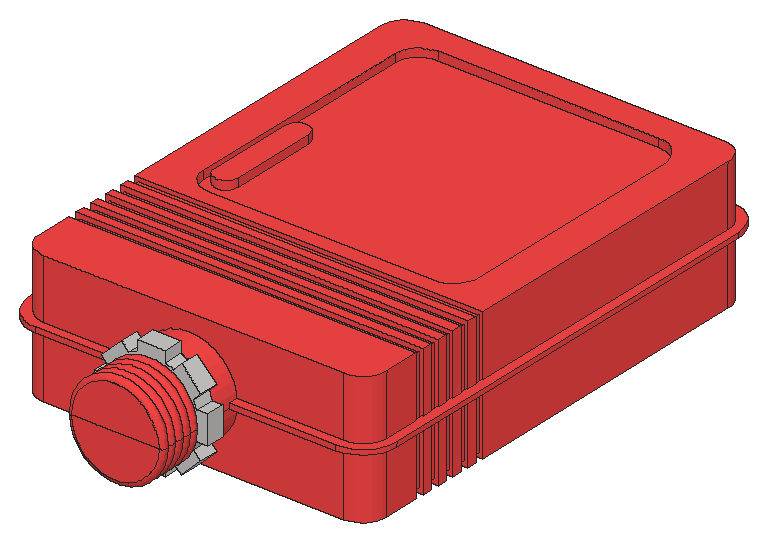
Revit family "NXRC-UL924", category Communication Devices, host Face, Revit 2014
Parameters
  Warranty = "5-Years Warranty"  # constant formula
  Voltage = "120/277/347 VAC"
  Type Comments = "UL924 ROOM CONTROLLER"  # constant formula
  Standby Power = "120VAC: 1.2,277VAC: 1.5,347VAC: 1.5"  # constant formula
  URL = "https://www.hubbell.com/hubbellcontrolsolutions/en"
  Model = "NXRC SERIES"  # constant formula
  Manufacturer = "Hubbell Control Solutions"  # constant formula
  L = 5.26"
  Washer = Metal-Hubbell-Galvanized_Steel
  Features = "Meets NFPA Article 700 requirements for emergency lighting\r\n• Zero cross switching technology extends relay contact life\r\n• Full range continuous dimming defaults to full ON\r\n• Color channel defaults SpectraSync™ luminaires to full white to user\r\nselected color\r\n• Single Cat5 cable connection to other NX devices\r\n• Override push-button and status LED\r\n• 120/277/347 universal voltage\r\n• Provision for remote test button or fire alarm interface"  # constant formula
  Dimming = "Class 2 0-10VDC, 60mA current sink capacity,\r\nFor use with low voltage, two-wire dimming ballast and LED drivers"  # constant formula
  Description = "NX Emergency Lighting Room Controller, one single pole relay, one 0 - 10 dimmer, one color control channel"  # constant formula
  Default Elevation = 48.00"
  Create Date = "06/13/2019"
  Copyright = "Copyright © 2019 Hubbell Control Solutions"  # constant formula
  Contact Us = "https://www.hubbell.com/hubbellcontrolsolutions/en/contactUs"
  Housing Material = Paint - Hubbell - Red
  Certification = "Conforms with UL916 and Certified to CAN/CSA C22.2 No. 205-M1983\r\nIC Approved\r\nTitle 24 compliance"  # constant formula
  Assembly Code = "D5090"
Reference planes (in)
  plane 1 "Center (Front/Back)": y = 13.01342
  plane 2: z = 0
  plane 3 "Center (Left/Right)": x = 0
Forms (in)
  Extrusion 1, solid, material "Paint - Hubbell - Red" <- "Housing Material"
    sketch origin (13.06888, 12.96782, 0) x (0, 1, 0) y (-1, 0, 0)
      loop
        arc (-2.18, 14.837) -> (-2.35678, 14.76378) -> (-2.43, 14.587) r 0.25
        line (-2.43, 14.587) -> (-2.43, 11.4497)
        arc (-2.43, 11.4497) -> (-2.35678, 11.27292) -> (-2.18, 11.1997) r 0.25
        line (-2.18, 11.1997) -> (2.28105, 11.1997)
        arc (2.28105, 11.1997) -> (2.45783, 11.27292) -> (2.53105, 11.4497) r 0.25
        line (2.53105, 11.4497) -> (2.53105, 14.587)
        arc (2.53105, 14.587) -> (2.45783, 14.76378) -> (2.28105, 14.837) r 0.25
        line (2.28105, 14.837) -> (-2.18, 14.837)
    from 0 to 1.37
  Sweep 2, solid, material "Paint - Hubbell - Red" <- "Housing Material"
    path in 3D
      loop
        line (-1.76813, 12.04114, 1.37) -> (-1.76813, 10.78782, 1.37)
        arc (-1.76813, 10.78782, 1.37) -> (-1.6949, 10.61105, 1.37) -> (-1.51813, 10.53782, 1.37) r 0.25
        line (-1.51813, 10.53782, 1.37) -> (1.61918, 10.53782, 1.37)
        arc (1.61918, 10.53782, 1.37) -> (1.79596, 10.61105, 1.37) -> (1.86918, 10.78782, 1.37) r 0.25
        line (1.86918, 10.78782, 1.37) -> (1.86918, 11.18547, 1.37) -> (1.86918, 15.24888, 1.37)
        arc (1.86918, 15.24888, 1.37) -> (1.79596, 15.42565, 1.37) -> (1.61918, 15.49888, 1.37) r 0.25
        line (1.61918, 15.49888, 1.37) -> (-1.51813, 15.49888, 1.37)
        arc (-1.51813, 15.49888, 1.37) -> (-1.6949, 15.42565, 1.37) -> (-1.76813, 15.24888, 1.37) r 0.25
        line (-1.76813, 15.24888, 1.37) -> (-1.76813, 14.11061, 1.37)
    profile origin (-1.76813, 14.67974, 1.37) x (1, 0, 0) y (0, 0, 1)
      loop
        line (0, -0.625) -> (-0.10642, -0.625) -> (-0.10642, -0.67672) -> (0, -0.67672) -> (0, -0.625)
  Sweep 3, void
    path origin (0, 13.01342, 0) x (1, 0, 0) y (0, 0, 1)
      loop
        line (1.86918, 1.37) -> (-1.76813, 1.37) -> (-1.76813, 0) -> (1.86918, 0) -> (1.86918, 1.37)
    profile origin (0.05053, 13.01342, 1.37) x (0, 0, -1) y (0, -1, 0)
      loop
        line (0, 0.97228) -> (0.04095, 0.97228) -> (0.04095, 1.06924) -> (0, 1.06924) -> (0, 0.97228)
      loop
        line (0.04876, 1.16619) -> (0.04876, 1.26315) -> (0, 1.26315) -> (0, 1.16619) -> (0.04876, 1.16619)
      loop
        line (0.04876, 1.36011) -> (0.04876, 1.45707) -> (0, 1.45707) -> (0, 1.36011) -> (0.04876, 1.36011)
      loop
        line (0.04876, 1.55403) -> (0.04876, 1.65098) -> (0, 1.65098) -> (0, 1.55403) -> (0.04876, 1.55403)
      loop
        line (0.04876, 1.74794) -> (0.04876, 1.8449) -> (0, 1.8449) -> (0, 1.74794) -> (0.04876, 1.74794)
  Extrusion 4, solid, material "Paint - Hubbell - Red" <- "Housing Material"
    sketch origin (0, 0, 0) x (0, 1, 0) y (0, 0, -1)
      loop
        line (12.05823, -0.93272) -> (14.1811, -0.93272) -> (14.1811, -0.43272) -> (12.05823, -0.43272) -> (12.05823, -0.93272)
      loop
        line (12.09385, -0.8971) -> (14.12985, -0.8971) -> (14.12985, -0.46835) -> (12.09385, -0.46835) -> (12.09385, -0.8971)
    from 1.86918 to 2.05666
  Extrusion 5, solid, material "Paint - Hubbell - Red" <- "Housing Material"
    sketch origin (0, 0, 0) x (0, 1, 0) y (0, 0, 1)
      loop
        line (14.12985, 0.78783) -> (14.04975, 0.78783) -> (14.04975, 0.84943) -> (13.96717, 0.84943) -> (13.96717, 0.8971) -> (13.80782, 0.8971) -> (13.80782, 0.84943) -> (13.72524, 0.84943) -> (13.72524, 0.78783) -> (13.64038, 0.78783) -> (13.64038, 0.46835) -> (14.12985, 0.46835) -> (14.12985, 0.78783)
      loop
        line (13.59252, 0.78783) -> (13.54465, 0.78783) -> (13.54465, 0.84943) -> (13.46208, 0.84943) -> (13.46208, 0.8971) -> (13.30272, 0.8971) -> (13.30272, 0.84943) -> (13.22015, 0.84943) -> (13.22015, 0.78783) -> (13.13529, 0.78783) -> (13.13529, 0.46835) -> (13.59252, 0.46835) -> (13.59252, 0.78783)
      loop
        line (12.10948, 0.78783) -> (12.10948, 0.46835) -> (12.59894, 0.46835) -> (12.59894, 0.78783) -> (12.51408, 0.78783) -> (12.51408, 0.84943) -> (12.43151, 0.84943) -> (12.43151, 0.8971) -> (12.27215, 0.8971) -> (12.27215, 0.84943) -> (12.18958, 0.84943) -> (12.18958, 0.78783) -> (12.10948, 0.78783)
      loop
        line (12.64681, 0.78783) -> (12.64681, 0.46835) -> (13.10404, 0.46835) -> (13.10404, 0.78783) -> (13.01918, 0.78783) -> (13.01918, 0.84943) -> (12.9366, 0.84943) -> (12.9366, 0.8971) -> (12.77725, 0.8971) -> (12.77725, 0.84943) -> (12.69467, 0.84943) -> (12.69467, 0.78783) -> (12.64681, 0.78783)
      loop
        line (14.1811, 0.93272) -> (12.05823, 0.93272) -> (12.05823, 0.43272) -> (14.1811, 0.43272) -> (14.1811, 0.93272)
    from -1.76813 to -2.05666
  Extrusion 6, solid, material "Paint - Hubbell - Red" <- "Housing Material"
    sketch origin (0, 13.01342, 0) x (1, 0, 0) y (0, 0, 1)
      loop
        circle (0, 0.69328) r 0.5
    from 2.4756 to 2.77248
  Extrusion 7, solid, material "Metal-Hubbell-Galvanized_Steel" <- "Washer"
    sketch origin (0, 13.01342, 0) x (1, 0, 0) y (0, 0, 1)
      loop
        arc (-0.14745, 1.17104) -> (-0.19134, 1.15521) -> (-0.23356, 1.13537) r 0.5
        line (-0.23356, 1.13537) -> (-0.31252, 1.21433) -> (-0.52105, 1.0058) -> (-0.4421, 0.92684)
        arc (-0.4421, 0.92684) -> (-0.46194, 0.88462) -> (-0.47776, 0.84073) r 0.5
        line (-0.47776, 0.84073) -> (-0.58943, 0.84073) -> (-0.58943, 0.54582) -> (-0.47776, 0.54582)
        arc (-0.47776, 0.54582) -> (-0.46194, 0.50193) -> (-0.4421, 0.45971) r 0.5
        line (-0.4421, 0.45971) -> (-0.52105, 0.38075) -> (-0.31252, 0.17222) -> (-0.23356, 0.25118)
        arc (-0.23356, 0.25118) -> (-0.19134, 0.23134) -> (-0.14745, 0.21551) r 0.5
        line (-0.14745, 0.21551) -> (-0.14745, 0.10385) -> (0.14745, 0.10385) -> (0.14745, 0.21551)
        arc (0.14745, 0.21551) -> (0.19134, 0.23134) -> (0.23356, 0.25118) r 0.5
        line (0.23356, 0.25118) -> (0.31252, 0.17222) -> (0.52105, 0.38075) -> (0.4421, 0.45971)
        arc (0.4421, 0.45971) -> (0.46194, 0.50193) -> (0.47776, 0.54582) r 0.5
        line (0.47776, 0.54582) -> (0.58943, 0.54582) -> (0.58943, 0.84073) -> (0.47776, 0.84073)
        arc (0.47776, 0.84073) -> (0.46194, 0.88462) -> (0.4421, 0.92684) r 0.5
        line (0.4421, 0.92684) -> (0.52105, 1.0058) -> (0.31252, 1.21433) -> (0.23356, 1.13537)
        arc (0.23356, 1.13537) -> (0.19134, 1.15521) -> (0.14745, 1.17104) r 0.5
        line (0.14745, 1.17104) -> (0.14745, 1.2827) -> (-0.14745, 1.2827) -> (-0.14745, 1.17104)
    from 2.77248 to 2.96984
  Revolve 8, solid, material "Paint - Hubbell - Red" <- "Housing Material"
    sketch origin (0, 0, 0.67855) x (1, 0, 0) y (0, 1, 0)
      loop
        line (0, 10.04358) -> (0, 9.56701) -> (0.45403, 9.568)
        arc (0.45403, 9.568) -> (0.50159, 9.61556) -> (0.45403, 9.66312) r 0.04756
        arc (0.45403, 9.66312) -> (0.50159, 9.71067) -> (0.45403, 9.75823) r 0.04756
        arc (0.45403, 9.75823) -> (0.50159, 9.80579) -> (0.45403, 9.85335) r 0.04756
        arc (0.45403, 9.85335) -> (0.50159, 9.9009) -> (0.45403, 9.94846) r 0.04756
        arc (0.45403, 9.94846) -> (0.50159, 9.99602) -> (0.45403, 10.04358) r 0.04756
        line (0.45403, 10.04358) -> (0, 10.04358)
      axis (0, 10.04358) -> (0, 9.56701)
    angle from 0 to 360
  Extrusion 9, void
    sketch origin (0, 0, 0) x (1, 0, 0) y (0, 1, 0)
      loop
        line (-1.13959, 12.20671) -> (1.23733, 12.20671)
        arc (1.23733, 12.20671) -> (1.41411, 12.27993) -> (1.48733, 12.45671) r 0.25
        line (1.48733, 12.45671) -> (1.48733, 14.88186)
        arc (1.48733, 14.88186) -> (1.39218, 15.11156) -> (1.16248, 15.20671) r 0.32485
        line (1.16248, 15.20671) -> (-1.13959, 15.20671)
        arc (-1.13959, 15.20671) -> (-1.31636, 15.13349) -> (-1.38959, 14.95671) r 0.25
        line (-1.38959, 14.95671) -> (-1.38959, 12.45671)
        arc (-1.38959, 12.45671) -> (-1.31636, 12.27993) -> (-1.13959, 12.20671) r 0.25
    from 1.2827 to 1.37
  Extrusion 10, solid, material "Paint - Hubbell - Red" <- "Housing Material"
    sketch origin (0, 0, 0) x (1, 0, 0) y (0, 1, 0)
      loop
        arc (-1.33943, 12.5422) -> (-1.21443, 12.4172) -> (-1.08943, 12.5422) r 0.125
        line (-1.08943, 12.5422) -> (-1.08943, 13.4561)
        arc (-1.08943, 13.4561) -> (-1.21443, 13.5811) -> (-1.33943, 13.4561) r 0.125
        line (-1.33943, 13.4561) -> (-1.33943, 12.5422)
    from 1.2827 to 1.37
Cuts and joins
  Sweep 3, Extrusion 9 cuts Extrusion 1
  Sweep 3 cuts Sweep 2
Lines and regions (in)
  sketch lines
    curve 1: line (-1.76813, 15.24888, 1.37) -> (-1.76813, 14.11061, 1.37)
    curve 2: arc (-1.76813, 15.24888, 1.37) -> (-1.6949, 15.42565, 1.37) -> (-1.51813, 15.49888, 1.37) r 0.25
    curve 3: line (1.61918, 15.49888, 1.37) -> (-1.51813, 15.49888, 1.37)
    curve 4: arc (1.61918, 15.49888, 1.37) -> (1.79596, 15.42565, 1.37) -> (1.86918, 15.24888, 1.37) r 0.25
    curve 5: line (1.86918, 11.18547, 1.37) -> (1.86918, 15.24888, 1.37)
    curve 6: line (1.86918, 10.78782, 1.37) -> (1.86918, 11.18547, 1.37)
    curve 7: arc (1.86918, 10.78782, 1.37) -> (1.79596, 10.61105, 1.37) -> (1.61918, 10.53782, 1.37) r 0.25
    curve 8: line (-1.51813, 10.53782, 1.37) -> (1.61918, 10.53782, 1.37)
    curve 9: arc (-1.51813, 10.53782, 1.37) -> (-1.6949, 10.61105, 1.37) -> (-1.76813, 10.78782, 1.37) r 0.25
    curve 10: line (-1.76813, 12.04114, 1.37) -> (-1.76813, 10.78782, 1.37)
Dimensions and locks (in)
  aligned and locked: plane 2 to host face
  aligned and locked: level to host face
  aligned and locked: Extrusion 4 to Extrusion 5
  aligned and locked: Extrusion 6 to cut or joined group of Extrusion 1, Sweep 3, Extrusion 9
  aligned and locked: Extrusion 1 to Extrusion 9
  aligned and locked: cut or joined group of Extrusion 1, Sweep 3, Extrusion 9 to Extrusion 10
Connectors (in)
  electrical at (0.05053, 14.26297, 1.37)
    settings: on cut or joined group of Extrusion 1, Sweep 3, Extrusion 9, index 1, voltage 0 V, apparent load 0 VA, apparent load phase1 0 VA, apparent load phase2 0 VA, apparent load phase3 0 VA, power factor 1, load classification "Other", number of poles 1, system type 14, power factor state 1, is connector primary yes, connector utility no, sub classification motor no, connector description "UL924 Room Controller Connector"
